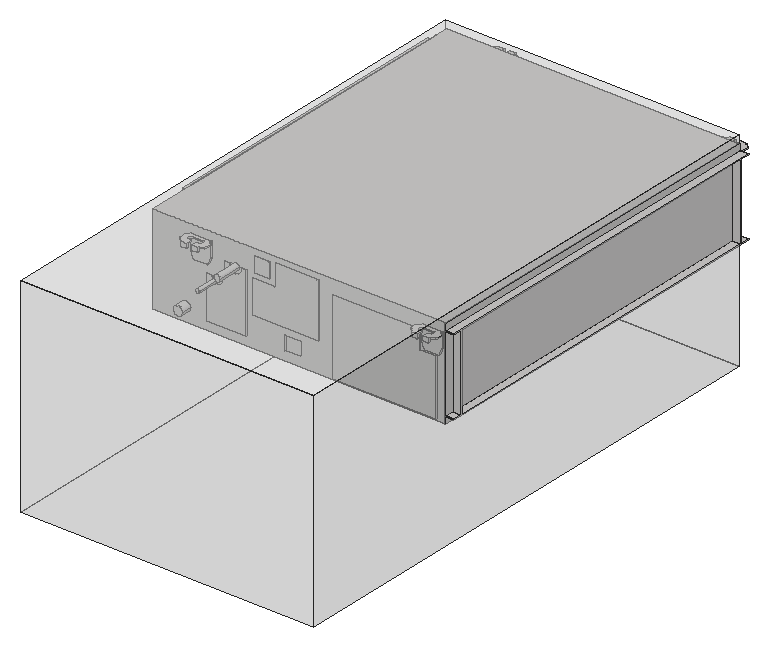
Revit family "outputfile", category 機械設備, Revit 2024
Family settings
  丸型コネクタ寸法 = 半径を使用
  パーツ タイプ = 標準
  OmniClass 番号 = 23.75.10.24.21.27.27
  OmniClass タイトル = Split System Air Conditioning Units
  作業面ベース = いいえ
  常に垂直 = はい
  ロード時にボイドで切り取り = いいえ
  注釈の向きを維持 = いいえ
  共有 = いいえ
  部屋計算ポイント = はい
Parameters (values of type "FBFC71DVM")
  Description = ""
  製造元 = "Daikin"
  書き出し IFC クラス(タイプ) = "IfcUnitaryEquipmentType"
  定義済み IFC タイプ(タイプ) = "AIRCONDITIONINGUNIT"
  Cost = 0
  モデル = "FBFC71DVM"
  Type Comments = ""
  Keynote = ""
  Type Image = (empty or 0)
  Assembly Code = ""
  switch_frequency = yes
  r_Liquid Pipe Size = Liquid Pipe Size / 2  # 4.75 mm
  r_Gas Pipe Size = Gas Pipe Size / 2  # 7.95 mm
  r_Drain Pipe Size = Drain Pipe Size / 2  # 12.5 mm
  lw_power = 770.0 mm  # constant formula
  lh_SA = 138.0 mm  # constant formula
  lw_SA = if(Depth = 550.0 mm, 225.0 mm, if(Depth = 700.0 mm, 300.0 mm, if(Depth = 1000.0 mm, 450.0 mm, if(Depth = 1400.0 mm, 650.0 mm, 725.0 mm))))  # 450.0 mm
  lw_RA = if(Depth = 550.0 mm, 275.0 mm, if(Depth = 700.0 mm, 349.0 mm, if(Depth = 1000.0 mm, 499.0 mm, if(Depth = 1400.0 mm, 699.0 mm, 775.0 mm))))  # 499.0 mm
  lh_power = 60.0 mm + [h***]  # 60.0 mm
  lh_mountinghole1 = lh_mountinghole + [h***]  # 222.0 mm
  lh_RA = 123.0 mm  # constant formula
  ld_power = Depth / 2  # 500.0 mm
  connector_voltage = Voltage_50Hz  # 230 V
  connector_powerinput = [Power Input (Cooling)]  # 0.000 kW
  connector_phase = Phase_50Hz  # 1
  Voltage_comment_50Hz = "220 - 240"
  Voltage_50Hz = 230 V
  URL = ""
  Supply Air Direction [instance] = yes
  Sound Power Level_H speed (dB) = 0
  Phase_50Hz = 1
  Minimum External Static Pressure = 40.00 Pa
  Minimum Circuit Amps_50Hz = 0.0 A
  Maximum Fuse Amps_50Hz = 0.0 A
  Maximum External Static Pressure = 140.00 Pa
  Material_Casing = DAIKIN_GalvanizedSteel_Casing_indoorunit
  lw_mountinghole = 630.0 mm  # constant formula
  lh_gaspipe = 183.0 mm + [h***]  # 183.0 mm
  lh_mountinghole = 222.0 mm  # constant formula
  lh_liquidpipe = 136.0 mm + [h***]  # 136.0 mm
  lh_drainpipe = 38.0 mm + [h***]  # 38.0 mm
  lh_antena = Height - lh_mountinghole + 1.0 mm  # 24.0 mm
  ld_drainpipe = Depth / 2 + 26.0 mm  # 526.0 mm
  ld_liquidpipe = Depth / 2 + 69.0 mm  # 569.0 mm
  ld_gaspipe = Depth / 2 + 65.0 mm  # 565.0 mm
  ld_mountinghole = Depth + 38.0 mm  # 1038.0 mm
  h*** = 0.0 mm  # constant formula
  lw_liquidpipe = 179.0 mm  # constant formula
  lw_gaspipe = 229.0 mm  # constant formula
  lw_drainpipe = 91.0 mm  # constant formula
  Width = 800.0 mm
  Version = "ver.1.0"
  Unit Type = "M.S.P. Duct"
  Unit Mass Weight = 36.00 kg
  Unit Designation [instance] = ""
  Uniclass2015Version = "Products v1.30"
  Uniclass2015Title = "Split coil room air conditioning units"
  Uniclass2015Code = "Pr_70_65_03_86"
  Total Cooling Capacity [instance] = 0.000 kW
  Sound Pressure Level_M speed (dBA) = 37
  Sound Pressure Level_L speed (dBA) = 34
  Sound Pressure Level_H speed (dBA) = 39
  Series = "SkyAir_Fan Coil Unit"
  Sensible Cooling Capacity [instance] = 0.000 kW
  SA Duct Size Width = 792.0 mm
  SA Duct Size Height = 176.0 mm
  Refrigerant Type = "R32"
  RA Duct Size Width = 952.0 mm
  RA Duct Size Height = 208.0 mm
  Power Input (Cooling) = 0.000 kW
  Option Accessory 3 [instance] = ""
  Option Accessory 2 [instance] = ""
  Option Accessory 1 [instance] = ""
  Nominal Cooling Capacity = 7.100 kW
  Minimum Airflow = 990.00 m³/h
  Median Airflow = 1200.00 m³/h
  Maximum Airflow = 1500.00 m³/h
  Load Classification = HVAC
  Liquid Pipe Size = 9.5 mm
  Link_Nested Family [instance] = ""
  IfcVersion = ""
  IfcExportType = "AIRCONDITIONINGUNIT"
  IfcExportAs = "IfcUnitaryEquipmentType"
  Height = 245.0 mm
  Heat Exchanger Type = "Cross Fin Coil"
  Gas Pipe Size = 15.9 mm
  Frequency_50Hz = 50 Hz
  Fan Type = "Sirocco Fan"
  Fan Drive = "Direct Drive"
  FCU Tag No. [instance] = ""
  Drain Pipe Size = 25.0 mm
  Design Supply Airflow [instance] = 0.00 m³/h
  Design Return Airflow [instance] = 0.00 m³/h
  Design External Static Pressure [instance] = 0.00 Pa
  Depth = 1000.0 mm
  既定の高さ = 0.0 mm
  Cooling Entering Wet Bulb Temperature [instance] = 0.00 °C
  Cooling Entering Dry Bulb Temperature [instance] = 0.00 °C
  Cooling Ambient Wet Bulb Temperature [instance] = 0.00 °C
  Cooling Ambient Dry Bulb Temperature [instance] = 0.00 °C
  Clearance visibility [instance] = yes
  Clearance Top = 20.0 mm
  Clearance Right = 0.0 mm
  Clearance Rear = 0.0 mm
  Clearance Left = 0.0 mm
  Clearance Front = 450.0 mm
  Clearance Bottom = 300.0 mm
Reference planes
  plane 1 "Center (Front/Back)": y = 0
  plane 2 "h": z = 0
  plane 3 "Center (Left/Right)": x = 0
  plane 4 "Back": y = 500
  plane 5 "Front": y = -500
  plane 6 "Left": x = -400
  plane 7 "Right": x = 400
  plane 8 "Top": z = 0
  plane 9 "Bottom": z = -245
  plane 10: y = -215
  plane 11: y = 500
  plane 12: y = -950
  plane 13: x = -400
  plane 14: x = 400
  plane 15: z = 20
  plane 16: z = -545
  plane 17: x = -400
  plane 18: x = -399
  plane 19: x = 399
  plane 20: y = 50
  plane 21: y = -1
  plane 22: z = -122
  plane 23: y = -501
  plane 24: z = -109
  plane 25: x = -221
  plane 26: y = -565
  plane 27: z = -62
  plane 28: x = -171
  plane 29: y = -526
  plane 30: z = -207
  plane 31: x = -309
  plane 32: x = -309
  plane 33: x = -221
  plane 34: x = -171
  plane 35: x = 370
  plane 36: x = -266
  plane 37: x = 364
  plane 38: y = -519
  plane 39: y = 519
  plane 40: z = -23
  plane 41: z = -107
  plane 42: y = -569
  plane 43: y = -526
  plane 44: x = -251
  plane 45: x = -203
  plane 46: x = -144
  plane 47: z = -59
  plane 48: z = -106
  plane 49: z = -221
  plane 50: z = -109
  plane 51: x = -221
  plane 52: z = -62
  plane 53: x = -171
  plane 54: z = -17
  plane 55: z = -59
  plane 56: x = -121
  plane 57: x = -79
  plane 58: x = -125
  plane 59: x = -64
  plane 60: x = 53
  plane 61: z = -164
  plane 62: z = -73
  plane 63: z = -16
  plane 64: x = 93.5
  plane 65: x = 374.5
  plane 66: x = 330
  plane 67: z = -88.5
  plane 68: z = -38
  plane 69: z = -242.5
  plane 70: x = -38.5
  plane 71: x = 6.5
  plane 72: z = -181
  plane 73: z = -221
  plane 74: y = -499
  plane 75: x = -424
  plane 76: x = 424
Forms (mm)
  Extrusion 1, solid, material "DAIKIN_GalvanizedSteel_Casing_indoorunit" <- "Material_Casing"
    sketch origin (0, 0, 0) x (1, 0, 0) y (0, 1, 0)
      loop
        line (-399, 500) -> (-399, -500) -> (399, -500) -> (399, 500) -> (-399, 500)
    from -245 to 0
  Extrusion 2, solid, material "DAIKIN_GalvanizedSteel_Casing_indoorunit" <- "Material_Casing"
    sketch origin (0, 0, 0) x (1, 0, 0) y (0, 0, 1)
      loop
        line (-251, -221) -> (-144, -221) -> (-144, -59) -> (-154.47, -59)
        arc (-154.47, -59) -> (-171, -78.8) -> (-187.53, -59) r 16.8
        line (-187.53, -59) -> (-203, -59) -> (-203, -106) -> (-206.916, -106)
        arc (-206.916, -106) -> (-221, -123.4) -> (-235.084, -106) r 14.4
        line (-235.084, -106) -> (-251, -106) -> (-251, -221)
    from 500 to 501
  Extrusion 3, solid, material "DAIKIN_GalvanizedSteel_Casing_indoorunit" <- "Material_Casing"
    sketch origin (0, 0, 0) x (1, 0, 0) y (0, 0, 1)
      loop
        line (-121, -17) -> (-121, -59) -> (-79, -59) -> (-79, -17) -> (-121, -17)
      loop
        line (-125, -73) -> (-125, -164) -> (53, -164) -> (53, -16) -> (-64, -16) -> (-64, -73) -> (-125, -73)
    from 500 to 501
  Extrusion 4, solid, material "DAIKIN_GalvanizedSteel_Casing_indoorunit" <- "Material_Casing"
    sketch origin (0, 0, 0) x (1, 0, 0) y (0, 0, 1)
      loop
        line (93.5, -38) -> (93.5, -242.5) -> (374.5, -242.5) -> (374.5, -88.5) -> (330, -88.5) -> (330, -38) -> (93.5, -38)
    from 500 to 501
  Extrusion 5, solid, material "DAIKIN_GalvanizedSteel_Casing_indoorunit" <- "Material_Casing"
    sketch origin (0, 0, 0) x (1, 0, 0) y (0, 0, 1)
      loop
        circle (-221, -109) r 4.75
    from 500 to 569
  Extrusion 6, solid, material "DAIKIN_GalvanizedSteel_Casing_indoorunit" <- "Material_Casing"
    sketch origin (0, 0, 0) x (1, 0, 0) y (0, 0, 1)
      loop
        circle (-171, -62) r 7.95
    from 500 to 565
  Extrusion 7, solid, material "DAIKIN_GalvanizedSteel_Casing_indoorunit" <- "Material_Casing"
    sketch origin (0, 0, 0) x (1, 0, 0) y (0, 0, 1)
      loop
        circle (-309, -207) r 12.5
    from 500 to 526
  Extrusion 8, void
    sketch origin (0, 0, 0) x (1, 0, 0) y (0, 0, 1)
      loop
        line (-38.5, -181) -> (-38.5, -221) -> (6.5, -221) -> (6.5, -181) -> (-38.5, -181)
    from 499 to 500
Cuts and joins
  Extrusion 8 cuts Extrusion 1
Dimensions and locks
  "Height": plane 8 "Top" to plane 9 "Bottom"
  equal spacing: plane 4 "Back", plane 1 "Center (Front/Back)", plane 5 "Front"
  "Depth": plane 4 "Back" to plane 5 "Front"
  equal spacing: plane 6 "Left", plane 3 "Center (Left/Right)", plane 7 "Right"
  "Width": plane 6 "Left" to plane 7 "Right"
  "Clearance Left": plane 13 to plane 6 "Left"
  "Clearance Right": plane 7 "Right" to plane 14
  "Clearance Rear": plane 11 to plane 4 "Back"
  "Clearance Front": plane 5 "Front" to plane 12
  "Clearance Top": plane 15 to plane 8 "Top"
  "Clearance Bottom": plane 9 "Bottom" to plane 16
  locked: plane 17 to plane 18 at 1
  locked: plane 19 to plane 14 at 1
  "lw_SA": plane 11 to plane 20
  "lw_RA": plane 21 to plane 5 "Front"
  "lh_RA": plane 22 to plane 9 "Bottom"
  locked: plane 5 "Front" to plane 23 at 1
  "lw_liquidpipe": plane 25 to plane 6 "Left"
  "lh_liquidpipe": plane 24 to plane 9 "Bottom"
  "lh_gaspipe": plane 27 to plane 9 "Bottom"
  "lw_gaspipe": plane 28 to plane 6 "Left"
  "ld_gaspipe": plane 26 to plane 1 "Center (Front/Back)"
  "ld_drainpipe": plane 29 to plane 1 "Center (Front/Back)"
  "lh_drainpipe": plane 30 to plane 9 "Bottom"
  "lw_drainpipe": plane 31 to plane 6 "Left"
  "lw_drainpipe": plane 6 "Left" to plane 32
  "lw_liquidpipe": plane 6 "Left" to plane 33
  "lw_gaspipe": plane 6 "Left" to plane 34
  "lw_power": plane 6 "Left" to plane 35
  locked: plane 17 to plane 36 at 134
  "lw_mountinghole": plane 36 to plane 37
  equal spacing: plane 38, plane 1 "Center (Front/Back)", plane 39
  "ld_mountinghole": plane 39 to plane 38
  "lh_mountinghole": plane 40 to plane 9 "Bottom"
  "lh_SA": plane 41 to plane 9 "Bottom"
  locked: plane 5 "Front" to plane 43 at 26
  plane 46 to plane 45 to plane 44 to plane 6 "Left" = 59.0 mm, 48.0 mm, 149.0 mm
  plane 8 "Top" to plane 47 to plane 48 to plane 49 = 59.0 mm locked, 47.0 mm locked, 115.0 mm locked
  plane 53 to plane 51 to plane 6 "Left" = 50.0 mm locked, 179.0 mm locked
  plane 52 to plane 50 to plane 9 "Bottom" = 47.0 mm locked, 136.0 mm locked
  plane 57 to plane 56 to plane 6 "Left" = 42.0 mm locked, 279.0 mm locked
  plane 8 "Top" to plane 54 to plane 55 = 17.0 mm locked, 42.0 mm locked
  plane 60 to plane 59 to plane 58 to plane 6 "Left" = 117.0 mm, 61.0 mm, 275.0 mm
  plane 8 "Top" to plane 63 to plane 62 = 16.0 mm locked, 57.0 mm locked
  locked: plane 63 to plane 61 at 148
  plane 8 "Top" to plane 68 to plane 67 to plane 69 = 38.0 mm locked, 50.5 mm locked, 154.0 mm locked
  plane 65 to plane 66 to plane 64 to plane 6 "Left" = 44.5 mm locked, 236.5 mm locked, 493.5 mm locked
  plane 8 "Top" to plane 72 to plane 73 = 181.0 mm locked, 40.0 mm locked
  plane 71 to plane 70 to plane 6 "Left" = 45.0 mm, 361.5 mm
  locked: plane 74 to plane 5 "Front" at 1
  locked: plane 75 to plane 17 at 24
  locked: plane 14 to plane 76 at 24
  "ld_liquidpipe": plane 42 to plane 1 "Center (Front/Back)"
  "r_Liquid Pipe Size": radius of Extrusion 5 sketch curve
  "r_Gas Pipe Size": radius of Extrusion 6 sketch curve
  "r_Drain Pipe Size": radius of Extrusion 7 sketch curve
  aligned and locked: level to plane 2 "h"
  aligned and locked: plane 8 "Top" to Extrusion 1
  aligned and locked: Extrusion 1 to plane 9 "Bottom"
  aligned and locked: nested 5 to plane 12
  aligned and locked: plane 13 to nested 5
  aligned and locked: plane 14 to nested 5
  aligned and locked: nested 5 to plane 13
  aligned and locked: plane 11 to nested 5
  aligned and locked: plane 15 to nested 5
  aligned and locked: plane 16 to nested 5
  aligned and locked: plane 5 "Front" to Extrusion 1 sketch curve
  aligned and locked: Extrusion 1 to plane 18
  aligned and locked: plane 19 to Extrusion 1
  aligned and locked: nested 7 to plane 18
  aligned and locked: nested 7 to plane 20
  aligned and locked: plane 19 to nested 8
  aligned and locked: plane 21 to nested 8
  aligned and locked: plane 22 to nested 8
  aligned and locked: Extrusion 2 to plane 23
  aligned and locked: plane 5 "Front" to Extrusion 2
  aligned and locked: Extrusion 3 to plane 23
  aligned and locked: plane 5 "Front" to Extrusion 3
  aligned and locked: plane 5 "Front" to Extrusion 4
  aligned and locked: Extrusion 5 sketch curve to plane 25
  aligned and locked: plane 24 to Extrusion 5 sketch curve
  aligned and locked: plane 5 "Front" to Extrusion 5
  aligned and locked: Extrusion 6 sketch curve to plane 28
  aligned and locked: plane 27 to Extrusion 6 sketch curve
  aligned and locked: plane 5 "Front" to Extrusion 6
  aligned and locked: Extrusion 7 sketch curve to plane 31
  aligned and locked: plane 30 to Extrusion 7 sketch curve
  aligned and locked: Extrusion 7 to plane 29
  aligned and locked: nested 3 to plane 29
  aligned and locked: plane 32 to nested 3
  aligned and locked: nested 2 to plane 33
  aligned and locked: nested 1 to plane 34
  aligned and locked: Extrusion 6 to plane 26
  aligned and locked: nested 1 to plane 26
  aligned and locked: nested 6 to plane 5 "Front"
  aligned and locked: nested 6 to plane 35
  aligned and locked: plane 36 to nested 10
  aligned and locked: nested 10 to plane 5 "Front"
  aligned and locked: plane 37 to nested 9
  aligned and locked: nested 9 to plane 5 "Front"
  aligned and locked: nested 11 to plane 36
  aligned and locked: plane 4 "Back" to nested 11
  aligned and locked: nested 12 to plane 37
  aligned and locked: plane 4 "Back" to nested 12
  aligned and locked: plane 40 to nested 10
  aligned and locked: plane 40 to nested 11
  aligned and locked: plane 40 to nested 9
  aligned and locked: plane 40 to nested 12
  aligned and locked: plane 36 to nested 14
  aligned and locked: nested 14 to plane 39
  aligned and locked: plane 37 to nested 13
  aligned and locked: nested 13 to plane 39
  aligned and locked: plane 37 to nested 16
  aligned and locked: plane 38 to nested 16
  aligned and locked: plane 38 to nested 15
  aligned and locked: plane 36 to nested 15
  aligned and locked: plane 17 to plane 6 "Left"
  aligned and locked: plane 41 to nested 7
  aligned and locked: Extrusion 5 to plane 42
  aligned and locked: nested 2 to plane 42
  aligned and locked: Extrusion 3 sketch curve to plane 54
  aligned and locked: Extrusion 3 sketch curve to plane 56
  aligned and locked: plane 55 to Extrusion 3 sketch curve
  aligned and locked: plane 57 to Extrusion 3 sketch curve
  aligned and locked: Extrusion 4 to plane 23
  aligned and locked: Extrusion 8 sketch curve to plane 72
  aligned and locked: plane 73 to Extrusion 8 sketch curve
  aligned and locked: plane 71 to Extrusion 8 sketch curve
  aligned and locked: plane 5 "Front" to Extrusion 8
  aligned and locked: plane 74 to Extrusion 8
  aligned and locked: nested 17 to plane 20
  aligned and locked: nested 17 to plane 75
  aligned and locked: plane 21 to nested 18
  aligned and locked: plane 76 to nested 18
  aligned and locked: plane 41 to nested 17
  aligned and locked: nested 18 to plane 22
  aligned and locked: nested 4 to plane 3 "Center (Left/Right)"
  aligned and locked: plane 1 "Center (Front/Back)" to nested 4
  aligned and locked: level to plane 8 "Top"
  aligned and locked: plane 5 "Front" to Extrusion 7
Automatic sketch dimensions
  plane 6 "Left" to Extrusion 1 sketch curve = 1.0 mm
  Extrusion 1 sketch curve to plane 7 "Right" = 1.0 mm
  Extrusion 1 sketch curve to plane 4 "Back" = 0.0 mm
  Extrusion 2 sketch curve to plane 44 = 0.0 mm
  Extrusion 2 sketch curve to plane 33 = 0.0 mm
  Extrusion 2 sketch curve to plane 45 = 0.0 mm
  Extrusion 2 sketch curve to plane 34 = 0.0 mm
  Extrusion 2 sketch curve to plane 46 = 0.0 mm
  Extrusion 2 sketch curve to plane 49 = 0.0 mm
  Extrusion 2 sketch curve to plane 50 = 0.0 mm
  Extrusion 2 sketch curve to plane 48 = 0.0 mm  (x3)
  Extrusion 2 sketch curve to plane 52 = 0.0 mm
  Extrusion 2 sketch curve to plane 47 = 0.0 mm  (x3)
  plane 33 to Extrusion 2 sketch curve = 14.084 mm
  plane 34 to Extrusion 2 sketch curve = 16.53 mm
  Extrusion 3 sketch curve to plane 58 = 0.0 mm
  Extrusion 3 sketch curve to plane 59 = 0.0 mm
  Extrusion 3 sketch curve to plane 60 = 0.0 mm
  Extrusion 3 sketch curve to plane 61 = 0.0 mm
  Extrusion 3 sketch curve to plane 62 = 0.0 mm
  Extrusion 3 sketch curve to plane 63 = 0.0 mm
  Extrusion 4 sketch curve to plane 64 = 0.0 mm
  Extrusion 4 sketch curve to plane 66 = 0.0 mm
  Extrusion 4 sketch curve to plane 65 = 0.0 mm
  Extrusion 4 sketch curve to plane 69 = 0.0 mm
  Extrusion 4 sketch curve to plane 67 = 0.0 mm
  Extrusion 4 sketch curve to plane 68 = 0.0 mm
  Extrusion 8 sketch curve to plane 70 = 0.0 mm
Nested families
  nested 1: "daikin_connector_rotate2" at (-171, 0, -62), length <- "ld_gaspipe", built-in parameter 1001364 <- "lh_gaspipe", radius <- "r_Gas Pipe Size", type "daikin_connector_rotate2"
    with radius 7.95 mm, length 565.0 mm, angle_vertical 90.00°
  nested 2: "daikin_connector_rotate2" at (-221, 0, -109), length <- "ld_liquidpipe", built-in parameter 1001364 <- "lh_liquidpipe", radius <- "r_Liquid Pipe Size", type "daikin_connector_rotate2"
    with radius 4.75 mm, length 569.0 mm, angle_vertical 90.00°
  nested 3: "daikin_connector_rotate2" at (-309, 0, -207), length <- "ld_drainpipe", built-in parameter 1001364 <- "lh_drainpipe", radius <- "r_Drain Pipe Size", type "daikin_connector_rotate2"
    with radius 12.5 mm, length 526.0 mm, angle_vertical 90.00°
  nested 4: "daikin_△_symbolicline" at (0, 0, 245) x (0, -1, 0) z (0, 0, 1), built-in parameter 1001364 <- "Height", visible <- "Supply Air Direction", type "daikin_△_symbolicline"
    with length 200.0 mm
  nested 5: "daikin_clearancespace" at (0, -225, -262.381), visible <- "Clearance visibility", show <- "Clearance visibility", Link_Nested Family <- "Link_Nested Family", type "daikin_clearancespace"
    with width 800.0 mm, show yes, height 565.0 mm, depth 1450.0 mm, Link_Nested Family ""
  nested 6: "daikin_connector_rotate2" at (370, 0, -185), built-in parameter 1001364 <- "lh_power", length <- "ld_power", type "daikin_connector_rotate2"
    with radius 10.0 mm, length 500.0 mm, angle_vertical 90.00°
  nested 7: "daikin_ductflange_FBFC-DVM2" at (-399, 50, -107) x (0, -1, 0) z (0, 0, 1), type "daikin_ductflange_FBFC-DVM2"
    with width 792.0 mm, w 1000.0 mm
  nested 8: "daikin_ductflange_FBFC-DVM" at (399, -1, -122) x (0, 1, 0) z (0, 0, 1), type "daikin_ductflange_FBFC-DVM"
    with width 952.0 mm, lw 25.0 mm, w 1000.0 mm
  nested 9: "daikin_hangerfixture_FBFC-DVM" at (364, -500, -23), type "daikin_hangerfixture_FBFC-DVM"
  nested 10: "daikin_hangerfixture_FBFC-DVM" at (-266, -500, -23), type "daikin_hangerfixture_FBFC-DVM"
  nested 11: "daikin_hangerfixture_FBFC-DVM" at (-266, 500, -23) x (-1, 0, 0) z (0, 0, 1), type "daikin_hangerfixture_FBFC-DVM"
  nested 12: "daikin_hangerfixture_FBFC-DVM" at (364, 500, -23) x (-1, 0, 0) z (0, 0, 1), type "daikin_hangerfixture_FBFC-DVM"
  nested 13: "daikin_mountinghole" at (364, 519, -245), h_mountinghole <- "lh_mountinghole1", l_antenna <- "lh_antena", Link_Nested Family <- "Link_Nested Family", type "daikin_mountinghole"
    with show yes, l_antenna 24.0 mm, h_mountinghole 222.0 mm, Link_Nested Family ""
  nested 14: "daikin_mountinghole" at (-266, 519, -245), h_mountinghole <- "lh_mountinghole1", l_antenna <- "lh_antena", Link_Nested Family <- "Link_Nested Family", type "daikin_mountinghole"
    with show yes, l_antenna 24.0 mm, h_mountinghole 222.0 mm, Link_Nested Family ""
  nested 15: "daikin_mountinghole" at (-266, -519, -245), h_mountinghole <- "lh_mountinghole1", l_antenna <- "lh_antena", Link_Nested Family <- "Link_Nested Family", type "daikin_mountinghole"
    with show yes, l_antenna 24.0 mm, h_mountinghole 222.0 mm, Link_Nested Family ""
  nested 16: "daikin_mountinghole" at (364, -519, -245), h_mountinghole <- "lh_mountinghole1", l_antenna <- "lh_antena", Link_Nested Family <- "Link_Nested Family", type "daikin_mountinghole"
    with show yes, l_antenna 24.0 mm, h_mountinghole 222.0 mm, Link_Nested Family ""
  nested 17: "daikin_connector_rotate2" at (-400, 50, -107) x (0, -1, 0) z (0, 0, 1), type "daikin_connector_rotate2"
    with radius 10.0 mm, length 24.0 mm, angle_vertical 90.00°
  nested 18: "daikin_connector_rotate2" at (400, -1, -122) x (0, 1, 0) z (0, 0, 1), type "daikin_connector_rotate2"
    with radius 10.0 mm, length 24.0 mm, angle_vertical 90.00°
Connectors
  piping at (-309, -526, -207), diameter 25, driven by "r_Drain Pipe Size"
    settings: on nested 3, index 3, connector inside diameter 609.6 mm, connector length 0.0 mm, flow factor 0, pipe flow 0.00 m³/h, pressure drop 0.0 Pa, fitting loss kfactor 0, connector angle 0.00°, fixture units 0, engagement length 0.0 mm, angle of deflection 0.00°, flow configuration 1, flow direction 2, fitting loss method 4, system type 16, joint type 0, gender type 0, connector reference index -1, connector utility 0, adjustable connector no, is connector primary yes, connector description "Condensate Drain Piping"
  piping at (-171, -565, -62), diameter 15.9, driven by "r_Gas Pipe Size"
    settings: on nested 1, index 4, connector inside diameter 609.6 mm, connector length 0.0 mm, flow factor 0, pipe flow 0.00 m³/h, pressure drop 0.0 Pa, fitting loss kfactor 0, connector angle 0.00°, fixture units 0, engagement length 0.0 mm, angle of deflection 0.00°, flow configuration 1, flow direction 2, fitting loss method 0, system type 29, joint type 0, gender type 0, connector reference index -1, connector utility 0, adjustable connector no, is connector primary no, connector description "Refrigerant Gas Piping"
  piping at (-221, -569, -109), diameter 9.5, driven by "r_Liquid Pipe Size"
    settings: on nested 2, index 5, connector inside diameter 609.6 mm, connector length 0.0 mm, flow factor 0, pipe flow 0.00 m³/h, pressure drop 0.0 Pa, fitting loss kfactor 0, connector angle 0.00°, fixture units 0, engagement length 0.0 mm, angle of deflection 0.00°, flow configuration 1, flow direction 1, fitting loss method 0, system type 29, joint type 0, gender type 0, connector reference index -1, connector utility 0, adjustable connector no, is connector primary no, connector description "Refrigerant Liquid Piping"
  electrical at (370, -500, -185), driven by "Load Classification", driven by "connector_powerinput", driven by "connector_voltage", driven by "connector_phase"
    settings: on nested 6, index 6, voltage 230 V, apparent load 0 VA, apparent load phase1 0 VA, apparent load phase2 0 VA, apparent load phase3 0 VA, power factor 1, load classification "HVAC", number of poles 1, system type 30, power factor state 1, is connector primary yes, connector utility no, sub classification motor no, connector description "Power Supply"
  hvac at (-424, 50, -107), driven by "SA Duct Size Height", driven by "SA Duct Size Width"
    settings: on nested 17, index 7, duct flow 0.00 m³/h, flow factor 0, pres drop 0.00 Pa, loss coef 0, conn angle 0.00°, conn width 792.0 mm, conn height 176.0 mm, conn diameter 609.6 mm, duct sys type 1, conn prof type 1, flow config 0, flow direction 2, loss method 4, conn ref index -1, conn util no, is conn primary yes, conn desc "SA Duct"
  hvac at (424, -1, -122), driven by "RA Duct Size Height", driven by "RA Duct Size Width"
    settings: on nested 18, index 8, duct flow 0.00 m³/h, flow factor 0, pres drop 0.00 Pa, loss coef 0, conn angle 0.00°, conn width 952.0 mm, conn height 208.0 mm, conn diameter 609.6 mm, duct sys type 2, conn prof type 1, flow config 0, flow direction 1, loss method 4, conn ref index -1, conn util no, is conn primary no, conn desc "RA Duct"
Definition of nested family "daikin_clearancespace"
  Parameters (values of type "daikin_clearancespace")
    Description = "daikin_clearancespace"
    width [instance] = 1823.963 mm
    show [instance] = yes
    material = none
    height [instance] = 1359.762 mm
    depth [instance] = 880.0 mm
    Default Elevation = 0.0 mm
    Link_Nested Family [instance] = ""
  Reference planes
    plane 1 "Center (Front/Back)": y = 0
    plane 2 "Center (Elevation)": z = -0.119
    plane 3 "Center (Left/Right)": x = 0
    plane 4: y = 440
    plane 5: y = -440
    plane 6 "Right": x = 911.982
    plane 7 "Left": x = -911.982
    plane 8 "Top": z = 679.762
    plane 9 "Bottom": z = -680
  Forms (mm)
    Extrusion 1, solid, material <- "material", visible <- "show"
      sketch origin (0, 0, 0) x (1, 0, 0) y (0, 1, 0)
        loop
          line (-911.982, 440) -> (-911.982, -440) -> (911.982, -440) -> (911.982, 440) -> (-911.982, 440)
      from -680 to 679.762
  Lines and regions (mm)
    symbolic lines, visible <- "show"
      curve 1: line (911.982, 440, 0) -> (-911.982, 440, 0)
      curve 2: line (-911.982, 440, 0) -> (-911.982, -440, 0)
      curve 3: line (-911.982, -440, 0) -> (911.982, -440, 0)
      curve 4: line (911.982, -440, 0) -> (911.982, 440, 0)
      curve 5: line (911.982, 0, 679.762) -> (-911.982, 0, 679.762)
      curve 6: line (911.982, 0, -680) -> (911.982, 0, 679.762)
      curve 7: line (-911.982, 0, -680) -> (911.982, 0, -680)
      curve 8: line (-911.982, 0, 679.762) -> (-911.982, 0, -680)
      curve 9: line (0, 440, 679.762) -> (0, -440, 679.762)
      curve 10: line (0, -440, 679.762) -> (0, -440, -680)
      curve 11: line (0, 440, -680) -> (0, 440, 679.762)
      curve 12: line (0, -440, -680) -> (0, 440, -680)
  Dimensions and locks
    "width": plane 7 "Left" to plane 6 "Right"
    "depth": plane 4 to plane 5
    "height": plane 8 "Top" to plane 9 "Bottom"
    equal spacing: plane 7 "Left", plane 3 "Center (Left/Right)", plane 6 "Right"
    equal spacing: plane 4, plane 1 "Center (Front/Back)", plane 5
    equal spacing: plane 8 "Top", plane 2 "Center (Elevation)", plane 9 "Bottom"
    aligned and locked: level to plane 2 "Center (Elevation)"
    aligned and locked: Extrusion 1 sketch curve to plane 4
    aligned and locked: plane 7 "Left" to Extrusion 1 sketch curve
    aligned and locked: Extrusion 1 sketch curve to plane 5
    aligned and locked: Extrusion 1 sketch curve to plane 6 "Right"
    aligned and locked: plane 8 "Top" to Extrusion 1
    aligned and locked: curve 1 to Extrusion 1
    aligned and locked: curve 2 to Extrusion 1
    aligned and locked: curve 3 to Extrusion 1
    aligned and locked: curve 4 to Extrusion 1
    aligned and locked: curve 5 to Extrusion 1
    aligned and locked: curve 6 to Extrusion 1
    aligned and locked: curve 7 to Extrusion 1
    aligned and locked: curve 8 to Extrusion 1
    aligned and locked: curve 9 to Extrusion 1
    aligned and locked: curve 10 to Extrusion 1
    aligned and locked: curve 11 to Extrusion 1
    aligned and locked: curve 12 to Extrusion 1
    aligned and locked: Extrusion 1 to plane 9 "Bottom"
Definition of nested family "daikin_ductflange_FBFC-DVM2"
  Parameters (values of type "daikin_ductflange_FBFC-DVMG2")
    width = if(w = 550.0 mm, 337.0 mm, if(w = 700.0 mm, 492.0 mm, if(w = 1000.0 mm, 792.0 mm, if(w = 1400.0 mm, 1192.0 mm, 1337.0 mm))))  # 1192.0 mm
    material = none
    height = 215.0 mm
    depth = 1.0 mm
    w = 1400.0 mm
    Default Elevation = 0.0 mm
  Reference planes
    plane 1 "Center (Front/Back)": y = 0
    plane 2: z = 0
    plane 3 "Center (Left/Right)": x = 0
    plane 4: z = 88
    plane 5: z = -88
    plane 6: y = -25
    plane 7: z = 106
    plane 8: z = 89
    plane 9: y = -1
    plane 10: x = -617.5
    plane 11: x = 617.5
    plane 12: z = -106
    plane 13: z = -89
    plane 14: y = -1
    plane 15: x = 596
    plane 16: x = -596
    plane 17: x = 597
    plane 18: z = 87
    plane 19: z = -87
    plane 20: x = -597
    plane 21: z = 87
    plane 22: z = -87
    plane 23: y = -1
  Forms (mm)
    Extrusion 1, solid, material <- "material"
      sketch origin (0, 0, 0) x (0, 1, 0) y (0, 0, 1)
        loop
          line (-25, 88) -> (0, 88) -> (0, 106) -> (-1, 106) -> (-1, 89) -> (-25, 89) -> (-25, 88)
      from -617.5 to 617.5
    Extrusion 2, solid, material <- "material"
      sketch origin (0, 0, 0) x (0, 1, 0) y (0, 0, 1)
        loop
          line (-25, -88) -> (-25, -89) -> (-1, -89) -> (-1, -106) -> (0, -106) -> (0, -88) -> (-25, -88)
      from -617.5 to 617.5
    Extrusion 3, solid, material <- "material"
      sketch origin (0, 0, 0) x (1, 0, 0) y (0, 0, 1)
        loop
          line (596, 88) -> (596, -88) -> (617.5, -88) -> (617.5, -87) -> (597, -87) -> (597, 87) -> (617.5, 87) -> (617.5, 88) -> (596, 88)
      from 0 to 25
    Extrusion 4, solid, material <- "material"
      sketch origin (0, 0, 0) x (1, 0, 0) y (0, 0, 1)
        loop
          line (-617.5, 88) -> (-617.5, 87) -> (-597, 87) -> (-597, -87) -> (-617.5, -87) -> (-617.5, -88) -> (-596, -88) -> (-596, 88) -> (-617.5, 88)
      from 0 to 25
    Extrusion 5, solid, material <- "material"
      sketch origin (0, 0, 0) x (1, 0, 0) y (0, 0, 1)
        loop
          line (-617.5, 88) -> (-617.5, -88) -> (-596, -88) -> (-596, 88) -> (-617.5, 88)
        loop
          line (617.5, 88) -> (596, 88) -> (596, -88) -> (617.5, -88) -> (617.5, 88)
      from 0 to 1
  Cuts and joins
    joined: Extrusion 1, Extrusion 2, Extrusion 3, Extrusion 4, Extrusion 5
  Dimensions and locks
    plane 4 to level to plane 5 = 88.0 mm, 88.0 mm
    locked: plane 6 to plane 1 "Center (Front/Back)" at 25
    locked: plane 9 to plane 1 "Center (Front/Back)" at 1
    locked: plane 8 to plane 4 at 1
    locked: plane 16 to plane 10 at 21.5
    locked: plane 17 to plane 15 at 1
    locked: plane 4 to plane 18 at 1
    locked: plane 19 to plane 5 at 1
    "width": plane 15 to plane 16
    plane 4 to plane 5 = 176.0 mm
    locked: plane 16 to plane 20 at 1
    locked: plane 4 to plane 21 at 1
    locked: plane 22 to plane 5 at 1
    locked: plane 23 to plane 1 "Center (Front/Back)" at 1
    plane 4 to level to plane 5 = 88.0 mm locked, 88.0 mm locked
    locked: plane 5 to plane 13 at 1
    locked: plane 5 to plane 12 at 18
    locked: plane 7 to plane 4 at 18
    equal spacing: plane 15, plane 3 "Center (Left/Right)", plane 16
    locked: plane 11 to plane 15 at 21.5
    plane 11 to plane 10 = 1235.0 mm
    aligned and locked: level to plane 2
    aligned and locked: Extrusion 1 to plane 10
    aligned and locked: plane 11 to Extrusion 1
    aligned and locked: plane 5 to Extrusion 2
    aligned and locked: Extrusion 2 to plane 1 "Center (Front/Back)"
    aligned and locked: plane 15 to Extrusion 3 sketch curve
    aligned and locked: Extrusion 3 sketch curve to Extrusion 2  (x2)
    aligned and locked: Extrusion 3 sketch curve to plane 11
    aligned and locked: plane 6 to Extrusion 3
    aligned and locked: Extrusion 2 to plane 10
    aligned and locked: plane 11 to Extrusion 2
    aligned and locked: Extrusion 4 sketch curve to Extrusion 1  (x2)
    aligned and locked: plane 5 to Extrusion 4 sketch curve
    aligned and locked: Extrusion 4 sketch curve to plane 16
    aligned and locked: Extrusion 4 sketch curve to plane 22
    aligned and locked: plane 20 to Extrusion 4 sketch curve
    aligned and locked: plane 21 to Extrusion 4 sketch curve
    aligned and locked: Extrusion 4 to plane 1 "Center (Front/Back)"
    aligned and locked: plane 6 to Extrusion 4
    aligned and locked: Extrusion 5 sketch curve to Extrusion 1  (x4)
    aligned and locked: Extrusion 5 sketch curve to Extrusion 4  (x2)
    aligned and locked: Extrusion 5 sketch curve to Extrusion 3  (x2)
    aligned and locked: Extrusion 5 to plane 1 "Center (Front/Back)"
    aligned and locked: plane 23 to Extrusion 5
  Automatic sketch dimensions
    Extrusion 1 sketch curve to plane 6 = 0.0 mm
    Extrusion 1 sketch curve to plane 7 = 0.0 mm
    Extrusion 1 sketch curve to plane 9 = 0.0 mm
    Extrusion 1 sketch curve to plane 1 "Center (Front/Back)" = 0.0 mm
    Extrusion 1 sketch curve to plane 4 = 0.0 mm
    Extrusion 1 sketch curve to plane 8 = 0.0 mm
    Extrusion 2 sketch curve to plane 6 = 0.0 mm
    plane 12 to Extrusion 2 sketch curve = 0.0 mm
    Extrusion 2 sketch curve to plane 14 = 0.0 mm
    Extrusion 2 sketch curve to plane 1 "Center (Front/Back)" = 0.0 mm
    plane 13 to Extrusion 2 sketch curve = 0.0 mm
    Extrusion 2 sketch curve to plane 5 = 0.0 mm
    Extrusion 3 sketch curve to plane 17 = 0.0 mm
    Extrusion 3 sketch curve to plane 19 = 0.0 mm
    Extrusion 3 sketch curve to plane 18 = 0.0 mm
    Extrusion 3 sketch curve to plane 4 = 0.0 mm
    Extrusion 4 sketch curve to plane 10 = 0.0 mm
Definition of nested family "daikin_ductflange_FBFC-DVM"
  Parameters (values of type "daikin_ductflange_FBFC-DVMG")
    width = if(w = 550.0 mm, 502.0 mm, if(w = 700.0 mm, 654.0 mm, if(w = 1000.0 mm, 952.0 mm, if(w = 1400.0 mm, 1352.0 mm, 1502.0 mm))))  # 654.0 mm
    material = none
    lw = if(width = 654.0 mm, 23.0 mm, 25.0 mm)  # 23.0 mm
    height = 208.0 mm
    depth = 1.0 mm
    w = 700.0 mm
    Default Elevation = 0.0 mm
  Reference planes
    plane 1 "Center (Front/Back)": y = 0
    plane 2: z = 0
    plane 3 "Center (Left/Right)": x = 0
    plane 4: z = 104
    plane 5: z = -104
    plane 6: y = -25
    plane 7: z = 121
    plane 8: z = 105
    plane 9: y = -1
    plane 10: x = -350
    plane 11: x = 350
    plane 12: z = -122
    plane 13: z = -105
    plane 14: y = -1
    plane 15: x = 327
    plane 16: x = -327
    plane 17: x = 328
    plane 18: z = 103
    plane 19: z = -103
    plane 20: x = -328
    plane 21: z = 103
    plane 22: z = -103
    plane 23: y = -1
  Forms (mm)
    Extrusion 1, solid, material <- "material"
      sketch origin (0, 0, 0) x (0, 1, 0) y (0, 0, 1)
        loop
          line (-25, 104) -> (0, 104) -> (0, 121) -> (-1, 121) -> (-1, 105) -> (-25, 105) -> (-25, 104)
      from -350 to 350
    Extrusion 2, solid, material <- "material"
      sketch origin (0, 0, 0) x (0, 1, 0) y (0, 0, 1)
        loop
          line (-25, -104) -> (-25, -105) -> (-1, -105) -> (-1, -122) -> (0, -122) -> (0, -104) -> (-25, -104)
      from -350 to 350
    Extrusion 3, solid, material <- "material"
      sketch origin (0, 0, 0) x (1, 0, 0) y (0, 0, 1)
        loop
          line (327, 104) -> (327, -104) -> (350, -104) -> (350, -103) -> (328, -103) -> (328, 103) -> (350, 103) -> (350, 104) -> (327, 104)
      from 0 to 25
    Extrusion 4, solid, material <- "material"
      sketch origin (0, 0, 0) x (1, 0, 0) y (0, 0, 1)
        loop
          line (-350, 104) -> (-350, 103) -> (-328, 103) -> (-328, -103) -> (-350, -103) -> (-350, -104) -> (-327, -104) -> (-327, 104) -> (-350, 104)
      from 0 to 25
    Extrusion 5, solid, material <- "material"
      sketch origin (0, 0, 0) x (1, 0, 0) y (0, 0, 1)
        loop
          line (-350, 104) -> (-350, -104) -> (-327, -104) -> (-327, 104) -> (-350, 104)
        loop
          line (350, 104) -> (327, 104) -> (327, -104) -> (350, -104) -> (350, 104)
      from 0 to 1
  Cuts and joins
    joined: Extrusion 1, Extrusion 2, Extrusion 3, Extrusion 4, Extrusion 5
  Dimensions and locks
    plane 4 to level to plane 5 = 104.0 mm, 104.0 mm
    locked: plane 6 to plane 1 "Center (Front/Back)" at 25
    locked: plane 9 to plane 1 "Center (Front/Back)" at 1
    locked: plane 8 to plane 4 at 1
    "lw": plane 11 to plane 15
    "lw": plane 16 to plane 10
    locked: plane 17 to plane 15 at 1
    locked: plane 4 to plane 18 at 1
    locked: plane 19 to plane 5 at 1
    "width": plane 15 to plane 16
    equal spacing: plane 15, plane 3 "Center (Left/Right)", plane 16
    locked: plane 16 to plane 20 at 1
    locked: plane 4 to plane 21 at 1
    locked: plane 22 to plane 5 at 1
    locked: plane 23 to plane 1 "Center (Front/Back)" at 1
    locked: plane 7 to plane 4 at 17
    locked: plane 1 "Center (Front/Back)" to plane 14 at 1
    locked: plane 5 to plane 13 at 1
    "height": plane 4 to plane 5
    plane 11 to plane 10 = 700.0 mm
    locked: plane 12 to plane 13 at 17
    equal spacing: plane 4, level, plane 5
    aligned and locked: level to plane 2
    aligned and locked: Extrusion 1 to plane 10
    aligned and locked: plane 11 to Extrusion 1
    aligned and locked: plane 5 to Extrusion 2
    aligned and locked: Extrusion 2 to plane 1 "Center (Front/Back)"
    aligned and locked: plane 15 to Extrusion 3 sketch curve
    aligned and locked: Extrusion 3 sketch curve to Extrusion 2  (x2)
    aligned and locked: Extrusion 3 sketch curve to plane 11
    aligned and locked: plane 6 to Extrusion 3
    aligned and locked: Extrusion 2 to plane 10
    aligned and locked: plane 11 to Extrusion 2
    aligned and locked: Extrusion 4 sketch curve to Extrusion 1  (x2)
    aligned and locked: plane 5 to Extrusion 4 sketch curve
    aligned and locked: Extrusion 4 sketch curve to plane 16
    aligned and locked: Extrusion 4 sketch curve to plane 22
    aligned and locked: plane 20 to Extrusion 4 sketch curve
    aligned and locked: plane 21 to Extrusion 4 sketch curve
    aligned and locked: Extrusion 4 to plane 1 "Center (Front/Back)"
    aligned and locked: plane 6 to Extrusion 4
    aligned and locked: Extrusion 5 sketch curve to Extrusion 1  (x4)
    aligned and locked: Extrusion 5 sketch curve to Extrusion 4  (x2)
    aligned and locked: Extrusion 5 sketch curve to Extrusion 3  (x2)
    aligned and locked: Extrusion 5 to plane 1 "Center (Front/Back)"
    aligned and locked: plane 23 to Extrusion 5
  Automatic sketch dimensions
    Extrusion 1 sketch curve to plane 6 = 0.0 mm
    Extrusion 1 sketch curve to plane 7 = 0.0 mm
    Extrusion 1 sketch curve to plane 9 = 0.0 mm
    Extrusion 1 sketch curve to plane 1 "Center (Front/Back)" = 0.0 mm
    Extrusion 1 sketch curve to plane 4 = 0.0 mm
    Extrusion 1 sketch curve to plane 8 = 0.0 mm
    Extrusion 2 sketch curve to plane 6 = 0.0 mm
    plane 12 to Extrusion 2 sketch curve = 0.0 mm
    Extrusion 2 sketch curve to plane 14 = 0.0 mm
    Extrusion 2 sketch curve to plane 1 "Center (Front/Back)" = 0.0 mm
    plane 13 to Extrusion 2 sketch curve = 0.0 mm
    Extrusion 2 sketch curve to plane 5 = 0.0 mm
    Extrusion 3 sketch curve to plane 17 = 0.0 mm
    Extrusion 3 sketch curve to plane 19 = 0.0 mm
    Extrusion 3 sketch curve to plane 18 = 0.0 mm
    Extrusion 3 sketch curve to plane 4 = 0.0 mm
    Extrusion 4 sketch curve to plane 10 = 0.0 mm
Definition of nested family "daikin_hangerfixture_FBFC-DVM"
  Parameters (values of type "daikin_hangerfixture_FXMQ-PAVE")
    width = 72.0 mm
    material = none
    height = 60.0 mm
    depth = 41.0 mm
    Default Elevation = 0.0 mm
  Reference planes
    plane 1 "Center (Front/Back)": y = 0
    plane 2: z = 0
    plane 3 "Center (Left/Right)": x = 0
    plane 4: y = 417.146
    plane 5: y = -41
    plane 6: x = -36
    plane 7: x = 36
    plane 8: z = -2.3
    plane 9: z = -60
    plane 10: y = -2.3
    plane 11: z = -12
    plane 12: y = -38.7
  Forms (mm)
    Extrusion 1, solid, material <- "material"
      sketch origin (0, 0, 0) x (1, 0, 0) y (0, 1, 0)
        loop
          line (-28, 0) -> (-28, -5)
          arc (-28, -5) -> (-29.127, -8.162) -> (-32, -9.899) r 5
          arc (-32, -9.899) -> (-34.873, -11.636) -> (-36, -14.798) r 5
          line (-36, -14.798) -> (-36, -27.178)
          arc (-36, -27.178) -> (-35.429, -29.499) -> (-33.846, -31.289) r 5
          line (-33.846, -31.289) -> (-23, -38.798) -> (-23, -41.098) -> (-6.5, -41.098) -> (-6.5, -28.498)
          arc (-6.5, -28.498) -> (-7.379, -26.377) -> (-9.5, -25.498) r 3
          line (-9.5, -25.498) -> (-13.5, -25.498)
          arc (-13.5, -25.498) -> (-20, -18.998) -> (-13.5, -12.498) r 6.5
          line (-13.5, -12.498) -> (13.5, -12.498)
          arc (13.5, -12.498) -> (20, -18.998) -> (13.5, -25.498) r 6.5
          line (13.5, -25.498) -> (9.5, -25.498)
          arc (9.5, -25.498) -> (7.379, -26.377) -> (6.5, -28.498) r 3
          line (6.5, -28.498) -> (6.5, -41.098) -> (23, -41.098) -> (23, -38.798) -> (33.846, -31.289)
          arc (33.846, -31.289) -> (35.429, -29.499) -> (36, -27.178) r 5
          line (36, -27.178) -> (36, -14.596)
          arc (36, -14.596) -> (34.873, -11.434) -> (32, -9.697) r 5
          arc (32, -9.697) -> (29.127, -7.96) -> (28, -4.798) r 5
          line (28, -4.798) -> (28, 0) -> (-28, 0)
      from 0 to -2.3
    Extrusion 2, solid, material <- "material"
      sketch origin (0, 0, 0) x (1, 0, 0) y (0, 0, 1)
        loop
          line (28, -39.037) -> (28, 0) -> (-28, 0) -> (-28, -39.037)
          arc (-28, -39.037) -> (-27.91, -39.983) -> (-27.642, -40.894) r 5
          line (-27.642, -40.894) -> (-21.257, -56.857)
          arc (-21.257, -56.857) -> (-19.418, -59.14) -> (-16.615, -60) r 5
          line (-16.615, -60) -> (16.615, -60)
          arc (16.615, -60) -> (19.418, -59.14) -> (21.257, -56.857) r 5
          line (21.257, -56.857) -> (27.642, -40.894)
          arc (27.642, -40.894) -> (27.91, -39.983) -> (28, -39.037) r 5
      from 0 to 2.3
    Extrusion 3, solid, material <- "material"
      sketch origin (0, 0, 0) x (1, 0, 0) y (0, 0, 1)
        loop
          line (-23, 0) -> (-23, -9)
          arc (-23, -9) -> (-22.121, -11.121) -> (-20, -12) r 3
          line (-20, -12) -> (-9.5, -12)
          arc (-9.5, -12) -> (-7.379, -11.121) -> (-6.5, -9) r 3
          line (-6.5, -9) -> (-6.5, 0) -> (-23, 0)
        loop
          line (23, 0) -> (6.5, 0) -> (6.5, -9)
          arc (6.5, -9) -> (7.379, -11.121) -> (9.5, -12) r 3
          line (9.5, -12) -> (20, -12)
          arc (20, -12) -> (22.121, -11.121) -> (23, -9) r 3
          line (23, -9) -> (23, 0)
      from 38.8 to 41.098
  Cuts and joins
    joined: Extrusion 1, Extrusion 2, Extrusion 3
  Dimensions and locks
    plane 2 to plane 8 = 2.3 mm
    "height": plane 2 to plane 9
    locked: plane 10 to plane 1 "Center (Front/Back)" at 2.3
    locked: plane 2 to plane 11 at 12
    locked: plane 12 to plane 5 at 2.3
    aligned and locked: level to plane 2
    aligned and locked: Extrusion 1 to plane 8
    aligned and locked: plane 2 to Extrusion 1
    aligned and locked: plane 2 to Extrusion 2 sketch curve
    aligned and locked: Extrusion 2 to plane 10
    aligned and locked: Extrusion 2 to plane 1 "Center (Front/Back)"
    aligned and locked: Extrusion 3 sketch curve to cut or joined group of Extrusion 1, Extrusion 2, Extrusion 3  (x3)
    aligned and locked: cut or joined group of Extrusion 1, Extrusion 2, Extrusion 3 to Extrusion 3
  Automatic sketch dimensions
    Extrusion 2 sketch curve to plane 7 = 8.0 mm
    Extrusion 2 sketch curve to plane 8 = 36.737 mm
    plane 6 to Extrusion 2 sketch curve = 19.385 mm
    Extrusion 1 sketch curve to plane 6 = 0.0 mm
    plane 1 "Center (Front/Back)" to Extrusion 1 sketch curve = 0.0 mm
    Extrusion 1 sketch curve to plane 7 = 0.0 mm
    plane 6 to Extrusion 1 sketch curve = 2.154 mm
    plane 6 to Extrusion 1 sketch curve = 3.0 mm
    Extrusion 1 sketch curve to Extrusion 1 sketch curve = 5.0 mm  (x3)
    Extrusion 1 sketch curve to plane 12 = 0.098 mm  (x2)
    Extrusion 1 sketch curve to Extrusion 1 sketch curve = 4.0 mm  (x2)
    Extrusion 1 sketch curve to plane 5 = 0.098 mm  (x2)
    Extrusion 1 sketch curve to plane 3 "Center (Left/Right)" = 6.5 mm
    plane 3 "Center (Left/Right)" to Extrusion 1 sketch curve = 6.5 mm
    Extrusion 1 sketch curve to Extrusion 1 sketch curve = 3.0 mm
    Extrusion 1 sketch curve to plane 7 = 8.0 mm
    Extrusion 1 sketch curve to plane 7 = 5.0 mm
    Extrusion 1 sketch curve to plane 7 = 3.0 mm
    Extrusion 1 sketch curve to plane 7 = 2.154 mm
    plane 12 to Extrusion 1 sketch curve = 7.411 mm  (x2)
    plane 12 to Extrusion 1 sketch curve = 10.202 mm  (x2)
    Extrusion 1 sketch curve to Extrusion 1 sketch curve = 6.5 mm  (x2)
    Extrusion 1 sketch curve to Extrusion 1 sketch curve = 12.38 mm
    Extrusion 1 sketch curve to plane 10 = 12.296 mm
    Extrusion 1 sketch curve to plane 10 = 2.7 mm
    Extrusion 1 sketch curve to plane 10 = 2.498 mm
    plane 6 to Extrusion 1 sketch curve = 4.0 mm
    Extrusion 1 sketch curve to Extrusion 1 sketch curve = 0.0 mm  (x2)
    Extrusion 1 sketch curve to plane 7 = 4.0 mm
    Extrusion 1 sketch curve to Extrusion 1 sketch curve = 4.111 mm
    Extrusion 3 sketch curve to level = 0.0 mm  (x2)
    Extrusion 3 sketch curve to plane 11 = 0.0 mm  (x2)
    plane 11 to Extrusion 3 sketch curve = 3.0 mm  (x2)
    plane 3 "Center (Left/Right)" to Extrusion 3 sketch curve = 6.5 mm
    Extrusion 3 sketch curve to Extrusion 3 sketch curve = 3.0 mm  (x2)
    Extrusion 2 sketch curve to plane 9 = 0.0 mm
    Extrusion 2 sketch curve to Extrusion 2 sketch curve = 11.385 mm
    plane 6 to Extrusion 2 sketch curve = 8.0 mm
    plane 9 to Extrusion 2 sketch curve = 20.963 mm
    Extrusion 2 sketch curve to Extrusion 2 sketch curve = 5.0 mm  (x2)
    plane 9 to Extrusion 2 sketch curve = 3.143 mm  (x3)
    Extrusion 2 sketch curve to Extrusion 2 sketch curve = 4.642 mm  (x2)
    Extrusion 2 sketch curve to Extrusion 2 sketch curve = 0.0 mm  (x2)
    Extrusion 2 sketch curve to Extrusion 2 sketch curve = 0.358 mm
    Extrusion 2 sketch curve to Extrusion 2 sketch curve = 1.857 mm  (x2)
Definition of nested family "daikin_connector_rotate2"
  Parameters (values of type "daikin_connector_rotate2")
    Default Elevation = 1219.2 mm
    show_face = no
    radius [instance] = 10.0 mm
    length [instance] = 600.0 mm
    d_surface = 10.0 mm
    angle_vertical [instance] = 90.00°
  Reference planes
    plane 1 "Center (Front/Back)": y = 0
    plane 2: z = 0
    plane 3 "Center (Left/Right)": x = 0
  Forms (mm)
    Extrusion 1, solid, visible <- "show_face"
      sketch origin (0, -600, 0) x (1, 0, 0) y (0, 0, 1)
        loop
          circle (0, 0) r 10
      from 0 to -10
  Lines and regions (mm)
    reference lines
      curve 1: line (0, 0, 0) -> (0, -600, 0)
    symbolic lines
      curve 2: circle (0, 0, 0) r 5 normal (0, 0, 1)
    model lines, visible <- "show_face"
      curve 3: line (0, 0, 0) -> (0, -600, 0)
  Dimensions and locks
    "length": curve 1 to curve 1
    "length": curve 3 to curve 3
    "d_surface": Extrusion 1 to Extrusion 1
    "radius": radius of Extrusion 1 sketch curve
    "angle_vertical": angle curve 1 to plane 1 "Center (Front/Back)"
    "angle_vertical": angle curve 3 to plane 1 "Center (Front/Back)"
    aligned and locked: level to plane 2
    aligned and locked: plane 1 "Center (Front/Back)" to curve 1
    aligned and locked: plane 2 to curve 1
    aligned and locked: plane 1 "Center (Front/Back)" to curve 2
    aligned and locked: plane 3 "Center (Left/Right)" to curve 2
    aligned and locked: plane 1 "Center (Front/Back)" to curve 3
    aligned and locked: plane 2 to curve 3
    aligned and locked: Extrusion 1 to Extrusion 1
  Automatic sketch dimensions
    Extrusion 1 sketch curve to level = 0.0 mm
    Extrusion 1 sketch curve to plane 3 "Center (Left/Right)" = 0.0 mm
    radius of curve 2 = 5.0 mm
Definition of nested family "daikin_△_symbolicline"
  Parameters (values of type "daikin_△_symbolicline")
    length [instance] = 200.0 mm
    Default Elevation = 0.0 mm
  Reference planes
    plane 1 "Center (Front/Back)": y = 0
    plane 2: z = 0
    plane 3 "Center (Left/Right)": x = 0
  Lines and regions (mm)
    symbolic lines
      curve 1: line (0, -173.205, 0) -> (100, 0, 0)
      curve 2: line (100, 0, 0) -> (-100, 0, 0)
      curve 3: line (-100, 0, 0) -> (0, -173.205, 0)
  Dimensions and locks
    equal spacing: curve 3, plane 3 "Center (Left/Right)", curve 2
    "length": curve 3 to curve 2
    "length": curve 3 to curve 3
    "length": curve 1 to curve 1
    aligned and locked: level to plane 2
    aligned and locked: curve 2 to plane 1 "Center (Front/Back)"
    aligned and locked: plane 3 "Center (Left/Right)" to curve 3
Definition of nested family "daikin_mountinghole"
  Parameters (values of type "daikin_mountinghole")
    Default Elevation = 1219.2 mm
    Type Comments = "mountinghole"
    show [instance] = yes
    material = none
    l_centerline = 100.0 mm
    l_antenna [instance] = 100.0 mm
    h_mountinghole [instance] = 0.0 mm
    d_circle = 30.0 mm
    Link_Nested Family [instance] = ""
  Reference planes
    plane 1 "Center (Front/Back)": y = 0
    plane 2: z = 0
    plane 3 "Center (Left/Right)": x = 0
    plane 4: y = 50
    plane 5: x = -50
    plane 6: x = 50
    plane 7: y = -50
    plane 8 "h_mountinghole": z = 0
    plane 9: z = 100
  Lines and regions (mm)
    model lines, detail levels fine
      curve 1: circle (0, 0, 0) r 15 normal (0, 0, 1)
      curve 2: line (-50, 0, 0) -> (50, 0, 0)
      curve 3: line (0, 50, 0) -> (0, -50, 0)
    symbolic lines, detail levels fine
      curve 4: circle (0, 0, 0) r 15 normal (0, 0, 1)
      curve 5: line (-50, 0, 0) -> (50, 0, 0)
      curve 6: line (0, 50, 0) -> (0, -50, 0)
    model lines
      curve 7: line (0, 0, 100) -> (0, 0, 0)
  Dimensions and locks
    equal spacing: plane 4, plane 1 "Center (Front/Back)", plane 7
    "l_centerline": plane 4 to plane 7
    equal spacing: plane 5, plane 3 "Center (Left/Right)", plane 6
    "l_centerline": plane 5 to plane 6
    "l_antenna": plane 9 to plane 8 "h_mountinghole"
    "h_mountinghole": plane 8 "h_mountinghole" to plane 2
    "d_circle": diameter of curve 1
    "d_circle": diameter of curve 4
    aligned and locked: level to plane 2
    aligned and locked: plane 1 "Center (Front/Back)" to curve 1
    aligned and locked: plane 3 "Center (Left/Right)" to curve 1
    aligned and locked: plane 1 "Center (Front/Back)" to curve 2
    aligned and locked: curve 3 to plane 3 "Center (Left/Right)"
    aligned and locked: plane 6 to curve 2
    aligned and locked: plane 5 to curve 2
    aligned and locked: plane 4 to curve 3
    aligned and locked: plane 7 to curve 3
    aligned and locked: plane 1 "Center (Front/Back)" to curve 4
    aligned and locked: plane 3 "Center (Left/Right)" to curve 4
    aligned and locked: plane 6 to curve 5
    aligned and locked: plane 5 to curve 5
    aligned and locked: plane 1 "Center (Front/Back)" to curve 5
    aligned and locked: plane 4 to curve 6
    aligned and locked: plane 7 to curve 6
    aligned and locked: curve 6 to plane 3 "Center (Left/Right)"
    aligned and locked: curve 7 to plane 3 "Center (Left/Right)"
    aligned and locked: plane 9 to curve 7
    aligned and locked: plane 8 "h_mountinghole" to curve 7
